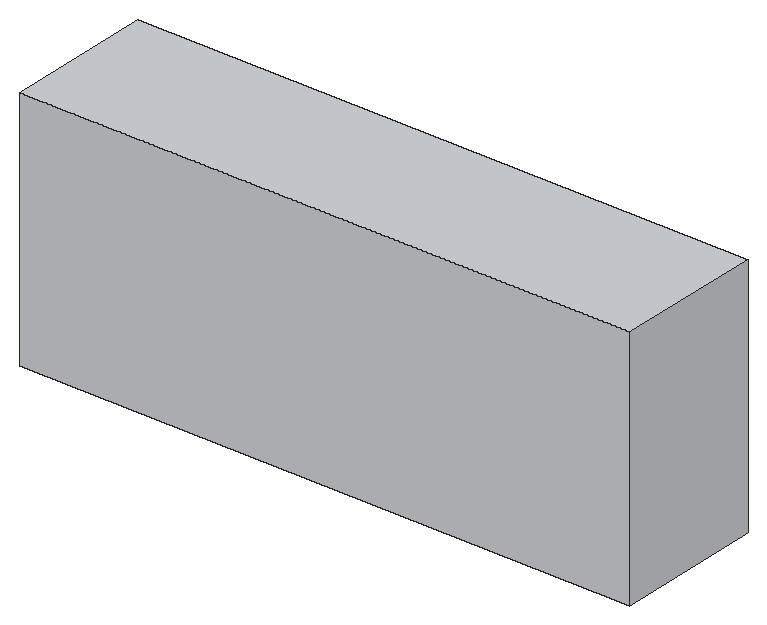
Revit family "混凝土樑-矩形1", category 結構框架, Revit 2014
Parameters (values of type "30x50")
  Structural Material [instance] = none
  關鍵註記 = "03300"
  樑深度 = 500 mm
  Assembly Code = ""
  Length [instance] = 1524 mm
  角度 [instance] = 0.00°
  樑寬度 = 300 mm
Types (3, lengths in mm): name | 樑深度 | 樑寬度
  30x50 | 500 | 300
  35x65 | 650 | 350
  40x205 | 2050 | 400
Reference planes
  plane 1 "中心 (前/後)": y = 0
  plane 2: z = 0
  plane 3 "中心 (左/右)": x = 4.61
  plane 4 "左成員": x = -604.99
  plane 5 "右成員": x = 614.21
  plane 6: y = 150
  plane 7: y = -150
  plane 8: z = 250
  plane 9 "底部": z = -250
  plane 10 "左": x = -757.39
  plane 11 "右": x = 766.61
  plane 12: x = -617.69
  plane 13: x = 626.91
Forms (mm)
  Sweep 1, solid, material <- "Structural Material"
    path origin (0, 0, 0) x (1, 0, 0) y (0, 1, 0)
      loop
        line (626.91, 0) -> (-617.69, 0)
    profile "M_矩形樑-輪廓 : M_矩形樑-輪廓" origin (4.61, 0, 0) x (0, -1, 0) y (0, 0, 1)
      loop
        line (-150, -250) -> (150, -250) -> (150, 250) -> (-150, 250) -> (-150, -250)
Dimensions and locks
  "樑寬度": plane 6 to plane 7
  equal spacing: plane 9 "底部", plane 2, plane 8
  equal spacing: plane 6, plane 1 "中心 (前/後)", plane 7
  "樑深度": plane 9 "底部" to plane 8
  "Length": plane 10 "左" to plane 11 "右"
  locked: plane 12 to plane 4 "左成員" at 12.7
  locked: plane 5 "右成員" to plane 13 at 12.7
  aligned and locked: Sweep 1 sketch curve to plane 1 "中心 (前/後)"
  aligned and locked: plane 12 to Sweep 1 sketch curve
  aligned and locked: plane 13 to Sweep 1 sketch curve
